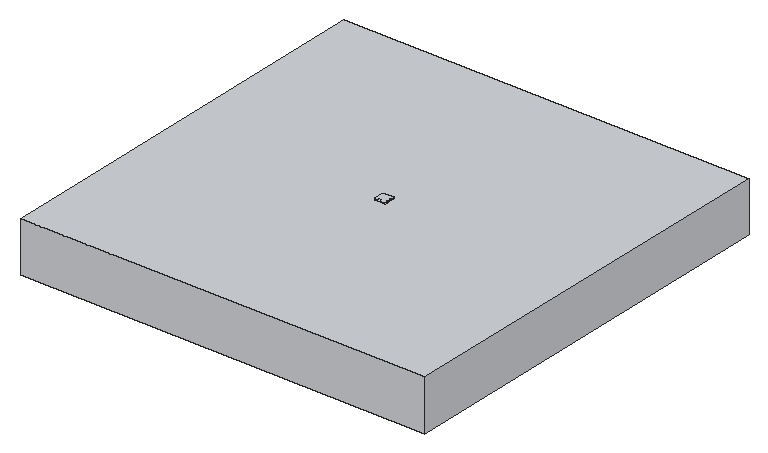
Revit family "Gira_541500", category Allgemeines Modell, Revit 2017
Family settings
  Basisbauteil = Fläche
  Kann Basisbauteil für Bewehrung sein = Nein
  Bemaßung runder Anschluss = Durchmesser verwenden
  Teiletyp = Normal
  Beim Laden mit Abzugskörper schneiden = Nein
  Gemeinsam genutzt = Nein
  Raumberechnungspunkt = Nein
Parameters
  With memory function = no
  With glass breaking detector connection = no
  With brightness sensor connection = no
  With Astro program = no
  Default Elevation = 1219.2 mm
  URL = "https://www.gira.de/"
  Typname = "S3000 blind ctrl.ins. w/o aux.inputs Insert"
  Type of fastening = "Mounting with claw and screw"
  Transparent = no
  Switch-off protection = no
  Surface protection = "Other"
  Surface finishing = "Not applicable"
  Suitable for wind sensor = no
  Suitable for rain sensor = no
  Suitable for degree of protection (IP) = "IP20"
  Substation input = no
  Random generator = no
  Productwebsite = "http://katalog.gira.de/en/datenblatt.html?artikelnr=541500"
  Nominal voltage [Volt] = 230
  Mounting method = "Flush mounted (plaster)"
  Max. switching power [Voltampere] = 1000
  Material quality = "Other"
  Material = "Other"
  Integrated timer = no
  Hersteller = "Gira"
  Halogen free = no
  HAN = "541500"
  GTIN = "4010337027416"
  Data sheet = "https://katalog.gira.de/en/download.html?artikelnr=541500"
  Colour = "Other"
  Beschreibung = "S3000 blind ctrl.-w o aux.in Ins.,System 3000 blind controller insert without auxiliary input,,,Features:,- Control of electrically operated blinds, shutters and awnings.,- An individual intermediate position can be saved together with a top unit.,- Controlling a motor, e.g. to set the end positions, can be done without a top unit.,- Polarity reversal function for the outputs for simplified commissioning as of index I01.,- Operation with neutral conductor connection."
  BIM = "https://media.stage.bim.site/public/gira/290f3eb/Einsatz_1fach.rfa"
  Assembly arrangement = "Basic element"
Reference planes
  plane 1 "Center (Front/Back)": y = 0
  plane 2: z = 0
  plane 3 "Center (Left/Right)": x = 0
Forms (mm)
  Extrusion 1, solid
    sketch origin (0, 0, 0) x (1, 0, 0) y (0, 1, 0)
      loop
        line (-1219.2, 1219.2) -> (-1219.2, -1219.2) -> (1219.2, -1219.2) -> (1219.2, 1219.2) -> (-1219.2, 1219.2)
    from 0 to -304.8
  Extrusion 2, solid, detail levels fine
    sketch origin (0, 0, 0) x (1, 0, 0) y (0, 1, 0)
      loop
        line (27.475, 35.475) -> (-27.475, 35.475)
        arc (-27.475, 35.475) -> (-33.132, 33.132) -> (-35.475, 27.475) r 8
        line (-35.475, 27.475) -> (-35.475, -27.475)
        arc (-35.475, -27.475) -> (-33.132, -33.132) -> (-27.475, -35.475) r 8
        line (-27.475, -35.475) -> (27.475, -35.475)
        arc (27.475, -35.475) -> (33.132, -33.132) -> (35.475, -27.475) r 8
        line (35.475, -27.475) -> (35.475, 27.475)
        arc (35.475, 27.475) -> (33.132, 33.132) -> (27.475, 35.475) r 8
    from 0 to 1.8
  Extrusion 3, solid, detail levels fine
    sketch origin (0, 0, 0) x (1, 0, 0) y (0, 1, 0)
      loop
        line (9.678, 25.4) -> (-9.678, 25.4)
        arc (-9.678, 25.4) -> (-12.885, 24.922) -> (-15.814, 23.53) r 11
        arc (-15.814, 23.53) -> (-17.795, 22.07) -> (-19.641, 20.444) r 28.35
        arc (-19.641, 20.444) -> (-21.339, 18.665) -> (-22.876, 16.745) r 28.35
        arc (-22.876, 16.745) -> (-24.456, 13.666) -> (-25, 10.248) r 11
        line (-25, 10.248) -> (-25, -10.248)
        arc (-25, -10.248) -> (-24.456, -13.666) -> (-22.876, -16.745) r 11
        arc (-22.876, -16.745) -> (-20.409, -19.677) -> (-17.569, -22.25) r 28.35
        line (-17.569, -22.25) -> (17.569, -22.25)
        arc (17.569, -22.25) -> (20.409, -19.677) -> (22.876, -16.745) r 28.35
        arc (22.876, -16.745) -> (24.456, -13.666) -> (25, -10.248) r 11
        line (25, -10.248) -> (25, 10.248)
        arc (25, 10.248) -> (24.456, 13.666) -> (22.876, 16.745) r 11
        arc (22.876, 16.745) -> (21.593, 18.37) -> (20.195, 19.897) r 28.35
        arc (20.195, 19.897) -> (18.096, 21.823) -> (15.814, 23.53) r 28.35
        arc (15.814, 23.53) -> (12.885, 24.922) -> (9.678, 25.4) r 11
    from 0 to -22
  Extrusion 4, solid, detail levels medium
    sketch origin (0, 0, 0) x (1, 0, 0) y (0, 1, 0)
      loop
        line (-25, 25.4) -> (-25, -22.25) -> (25, -22.25) -> (25, 25.4) -> (-25, 25.4)
    from 0 to -22
  Extrusion 5, solid, detail levels coarse
    sketch origin (0, 0, 0) x (1, 0, 0) y (0, 1, 0)
      loop
        line (35.475, 35.475) -> (-35.475, 35.475) -> (-35.475, -35.475) -> (35.475, -35.475) -> (35.475, 35.475)
    from -22 to 1.8
  Extrusion 6, solid, detail levels medium
    sketch origin (0, 0, 0) x (1, 0, 0) y (0, 1, 0)
      loop
        line (35.475, 35.475) -> (-35.475, 35.475) -> (-35.475, -35.475) -> (35.475, -35.475) -> (35.475, 35.475)
    from 0 to 1.8
Dimensions and locks
  aligned and locked: plane 2 to Extrusion 1
  aligned and locked: level to Extrusion 1
Connectors
  electrical at (0, 0, -22)
    settings: on Extrusion 5, index 1, voltage 220 V, apparent load 0 VA, apparent load phase1 0 VA, apparent load phase2 0 VA, apparent load phase3 0 VA, power factor 1, load classification "Other", number of poles 1, system type 30, power factor state 1, is connector primary yes, connector utility no, sub classification motor no, connector description ""
